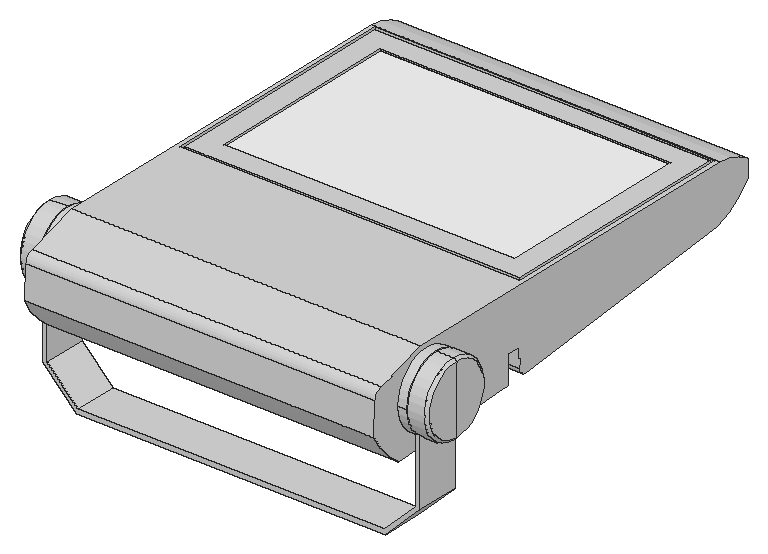
Revit family "0049111 Feilo Sylvania Lighting Fixture SYLVEO LED 8000LM RASYM 3K", category Lighting Fixtures, host Face, Revit 2017
Family settings
  Host = Face
  Round Connector Dimension = Use Diameter
  Part Type = Normal
  Cut with Voids When Loaded = No
  Light Source = No
  Shared = No
  Room Calculation Point = No
Parameters (values of type "0049111 SYLVEO LED 8000LM RASYM 3K")
  Weight = "9.032 kg"
  Wattage Comments = "n/a"
  WarrantyStartDate [instance] = "n/a"
  WarrantyGuarantorParts = "n/a"
  WarrantyDurationUnit = "n/a"
  WarrantyDurationParts = "n/a"
  WarrantyDescription = "n/a"
  Voltage = 230 V
  URL = "http://www.sylvania-lighting.com"
  TypeName = "SYLVEO LED 8000LM RASYM 3K"
  TypeBody_FEILO = Sylveo Medium Body : 0049111 SYLVEO LED 8000LM RASYM 3K
  Type Image = <None>
  Type Comments = "n/a"
  TotalWidth = 290 mm
  TiltAngle [instance] = 0.00°
  StartAngle [instance] = -TiltAngle  # 0.00°
  SerialNumber [instance] = "n/a"
  PowerFactor = 0
  PowerConsumption = "81.5 W"
  NominalWidth = 0 mm
  NominalLength = 290 mm
  NominalHeight = 333 mm
  Name = "SYLVEO LED 8000LM RASYM 3K"
  ModelReference = "SYLVEO LED 8000LM RASYM 3K"
  ModelNumber = "0049111"
  Model = "SYLVEO LED 8000LM RASYM 3K"
  Material_4_FEILO = none
  Material_3_FEILO = none
  Material_2_FEILO = Diffuser-Sylvania-Sylveo-Glow
  Material_1_FEILO = Body-Sylvania-Sylveo-Aluminium
  Material = "aluminium housing, glass diffuser"
  ManufacturerName = "Feilo Sylvania"
  Manufacturer = "Feilo Sylvania"
  LuminousEfficacy = "101.9 lm/W"
  LuminaireType = ""
  LightOutputRatio = "100"
  LampsType = Lamp  # "LED"
  LampNominalLuminous = "8305 lm"
  LampMacAdamStep = "6"
  LampColourTemperature = "3000 K"
  LampColourRenderingIndex = "70"
  Lamp = "LED"
  Keynote = "16500"
  InstallationDate [instance] = "n/a"
  InputVoltage = "100-240V~"
  InputNominalFrequency = "50 Hz"
  IngressProtection = "IP66"
  ImpactProtectionIndex = "IK08"
  IfcExportType = "IfcLightFixtureType"
  IfcExportAs = "IfcLightFixtureType"
  HingeHeight = 90 mm
  HingeDia = 52 mm
  ExpectedLife = 50000
  EndAngle [instance] = StartAngle + 180.00°  # 180.00°
  ElectricShockClassification = "Class I"
  DurationUnit = "hours"
  DocumentationLiterature = "http://www.sylvania-lighting.com/product/en-int/products/0049111"
  DimmingControlOptions = "Non dimmable"
  Description = "Exterior LED Floodlight, comes complete with a 1000mm cable and adjustable bracket, aluminium housing, clear glass diffuser, IP66, IK08, Class I, 3000K, Non-dimming, 8305lm, 82W, 102lm/W, 2400mA, CRI70, 52°x117° beam angle, 50000hrs, (LxWxD) 66x290x333mm"
  Default Elevation = 1219.2 mm
  CreatedOn = "12/18/2017"
  CreatedBy = ""
  Cost = 0
  built-in parameter 1114216 [instance] = (empty or 0)
  ClassificationValue = "EF_70_80"
  ClassificationName = "Uniclass2015"
  Calculate Coefficient of Utilization = no
  BracketWidth = 37 mm
  BracketThickness = 3 mm
  BracketInnerWidth = 261.3 mm
  BracketFold = 25 mm
  BracketExtrusionStart = -BracketWidth / 2  # -18.5 mm
  BracketExtrusionEnd = BracketWidth / 2  # 18.5 mm
  BarCode [instance] = "n/a"
  AssetType = "Fixed"
  AssetIdentifier [instance] = "n/a"
  Assembly Code = "D5020200"
  Apparent Load = 81.5 VA
Reference planes
  plane 1 "Center (Front/Back)": y = 0
  plane 2: z = 0
  plane 3 "Center (Left/Right)": x = 0
  plane 4: x = 130.65
  plane 5: x = -130.65
  plane 6: z = 90
  plane 7: x = 145
  plane 8: x = -145
  plane 9: z = 116
  plane 10: z = 64
  plane 11: x = 143
  plane 12: x = -143
  plane 13: x = 133.65
  plane 14: x = -133.65
  plane 15: z = 3
  plane 16: z = 25
  plane 17: x = 108.65
  plane 18: x = -108.65
  plane 19: z = 66
Forms (mm)
  Extrusion 1, solid, material "Body-Sylvania-Sylveo-Aluminium" <- "Material_1_FEILO"
    sketch origin (0, 0, 0) x (1, 0, 0) y (0, 0, 1)
      loop
        line (0, 3) -> (0, 0) -> (109.478, 0) -> (133.65, 24.172) -> (133.65, 90) -> (130.65, 90) -> (130.65, 25) -> (108.65, 3) -> (0, 3)
    from -12.5 to 18.5 <- "BracketExtrusionEnd"
  Extrusion 2, solid, material "Body-Sylvania-Sylveo-Aluminium" <- "Material_1_FEILO"
    sketch origin (0, 0, 0) x (-1, 0, 0) y (0, 0, -1)
      loop
        line (0, -3) -> (108.65, -3) -> (130.65, -25) -> (130.65, -90) -> (133.65, -90) -> (133.65, -24.172) -> (109.478, 0) -> (0, 0) -> (0, -3)
    from -12.5 to 18.5 <- "BracketExtrusionEnd"
  Revolve 3, solid, material "Body-Sylvania-Sylveo-Aluminium" <- "Material_1_FEILO"
    sketch origin (0, 0, 0) x (1, 0, 0) y (0, 0, 1)
      loop
        line (-130.65, 90) -> (-145, 90) -> (-145, 66) -> (-143, 64) -> (-130.65, 64) -> (-130.65, 90)
      axis (-130.65, 90) -> (-145, 90)
    angle from 0 to 360
  Revolve 4, solid, material "Body-Sylvania-Sylveo-Aluminium" <- "Material_1_FEILO"
    sketch origin (0, 0, 0) x (-1, 0, 0) y (0, 0, 1)
      loop
        line (-130.65, 90) -> (-145, 90) -> (-145, 66) -> (-143, 64) -> (-130.65, 64) -> (-130.65, 90)
      axis (-130.65, 90) -> (-145, 90)
    angle from 0 to 360
  Revolve 5, solid, not visible
    sketch origin (181.107, 0, 90) x (1, 0, 0) y (0, 1, 0)
      loop
        line (-191.101, 0) -> (-171.112, 0) -> (-171.112, 10) -> (-191.101, 10) -> (-191.101, 0)
      axis (-171.112, 0) -> (-191.101, 0)
    angle from 0 <- "StartAngle" to 180 <- "EndAngle"
Cuts and joins
  joined: Extrusion 1, Extrusion 2, Revolve 3, Revolve 4
Dimensions and locks
  equal spacing: plane 5, plane 3 "Center (Left/Right)", plane 4
  "BracketInnerWidth": plane 5 to plane 4
  equal spacing: plane 7, plane 3 "Center (Left/Right)", plane 8
  "TotalWidth": plane 7 to plane 8
  "HingeHeight": plane 2 to plane 6
  equal spacing: plane 10, plane 6, plane 9
  "HingeDia": plane 10 to plane 9
  equal spacing: plane 11, plane 3 "Center (Left/Right)", plane 12
  equal spacing: plane 13, plane 3 "Center (Left/Right)", plane 14
  "BracketFold": plane 2 to plane 16
  "BracketThickness": plane 2 to plane 15
  equal spacing: plane 17, plane 3 "Center (Left/Right)", plane 18
  locked: plane 19 to plane 10 at 2
  locked: Revolve 5 sketch curve to Revolve 5 sketch curve at 10
  equal spacing: Revolve 5 sketch curve, plane 3 "Center (Left/Right)", Revolve 5 sketch curve
  locked: Revolve 5 sketch curve to Revolve 5 sketch curve at 19.988
  locked: plane 7 to plane 11 at 2
  "BracketFold": plane 13 to plane 17
  "BracketThickness": plane 4 to plane 13
  aligned and locked: plane 2 to host face
  aligned and locked: level to host face
  aligned and locked: Revolve 3 sketch curve to plane 10
  aligned and locked: Revolve 3 sketch curve to plane 8
  aligned and locked: plane 5 to Revolve 3 sketch curve
  aligned and locked: Revolve 3 sketch curve to plane 6  (x2)
  aligned and locked: Revolve 5 sketch curve to plane 1 "Center (Front/Back)"
  aligned and locked: plane 3 "Center (Left/Right)" to nested 1
Automatic sketch dimensions
  host sketch curve to host sketch curve = 2438.4 mm  (x2)
  Extrusion 1 sketch curve to plane 3 "Center (Left/Right)" = 0 mm  (x2)
  Extrusion 1 sketch curve to level = 0 mm  (x2)
  Extrusion 1 sketch curve to plane 15 = 0 mm
  Extrusion 1 sketch curve to plane 17 = 0 mm
  plane 4 to Extrusion 1 sketch curve = 0 mm
  Extrusion 1 sketch curve to plane 13 = 0 mm  (x2)
  Extrusion 1 sketch curve to plane 6 = 0 mm  (x2)
  Extrusion 1 sketch curve to plane 16 = 0 mm
  plane 17 to Extrusion 1 sketch curve = 0.828 mm
  Extrusion 1 sketch curve to plane 16 = 0.828 mm
  Extrusion 2 sketch curve to plane 3 "Center (Left/Right)" = 0 mm  (x2)
  Extrusion 2 sketch curve to level = 0 mm  (x2)
  Extrusion 2 sketch curve to plane 15 = 0 mm
  plane 18 to Extrusion 2 sketch curve = 0 mm
  plane 5 to Extrusion 2 sketch curve = 0 mm
  plane 14 to Extrusion 2 sketch curve = 0 mm  (x2)
  Extrusion 2 sketch curve to plane 6 = 0 mm  (x2)
  Extrusion 2 sketch curve to plane 16 = 0 mm
  Extrusion 2 sketch curve to plane 18 = 0.828 mm
  plane 16 to Extrusion 2 sketch curve = 0.828 mm
  plane 12 to Revolve 3 sketch curve = 0 mm
  Revolve 3 sketch curve to plane 19 = 0 mm
  plane 8 to Revolve 3 sketch curve = 77.715 mm
  plane 7 to Revolve 3 sketch curve = 78.607 mm
  Revolve 4 sketch curve to plane 6 = 0 mm  (x2)
  Revolve 4 sketch curve to plane 7 = 0 mm
  Revolve 4 sketch curve to plane 10 = 0 mm
  Revolve 4 sketch curve to plane 11 = 0 mm
  plane 4 to Revolve 4 sketch curve = 0 mm
  Revolve 4 sketch curve to plane 19 = 0 mm
  Revolve 4 sketch curve to Revolve 4 sketch curve = 77.715 mm
  Revolve 4 sketch curve to plane 8 = 78.607 mm
  plane 1 "Center (Front/Back)" to Revolve 5 sketch curve = 0 mm
  plane 8 to Revolve 5 sketch curve = 1421.5 mm
  plane 7 to Revolve 5 sketch curve = 1421.5 mm
Nested families
  nested 1: "Sylveo Medium Body" at (0, -47.297, 90), type <- "TypeBody_FEILO", type "0049111 SYLVEO LED 8000LM RASYM 3K"
Connectors
  electrical at (0, 0, 0), driven by "Apparent Load", driven by "Voltage", driven by "PowerFactor"
    settings: index 1, voltage 230 V, apparent load 81.5 VA, apparent load phase1 0 VA, apparent load phase2 0 VA, apparent load phase3 0 VA, power factor 0, load classification "Lighting", number of poles 1, system type 30, power factor state 1, is connector primary yes, connector utility no, sub classification motor no, connector description ""
Definition of nested family "Sylveo Medium Body"
  Parameters (values of type "0049141 SYLVEO LED 8000LM RASYM 4K DALI ")
    Wattage = 80 W
    built-in parameter 1150110 = 1 (stored number, unit not read)
    URL = "http://www.feilosylvania.com"
    Type Comments = "n/a"
    built-in parameter 1114217 = 1 (stored number, unit not read)
    Tilt Angle = -90.00°
    built-in parameter 1150109 = 1 (stored number, unit not read)
    built-in parameter 1150134 = 12
    built-in parameter 1150113 = 1 (stored number, unit not read)
    Photometric Web File = "0049141.ies"
    Model = "SYLVEO LED 8000LM RASYM 4K DALI"
    Material_4_FEILO = none
    Material_3_FEILO = none
    Material_2_FEILO = none
    Material_1_FEILO = none
    Manufacturer = "Feilo Sylvania"
    built-in parameter 1150105 = 4415 (stored number, unit not read)
    Lumens = 8544 lm
    built-in parameter 1150115 = 1 (stored number, unit not read)
    built-in parameter 1150137 = (empty or 0)
    built-in parameter 1150139 = (empty or 0)
    built-in parameter 1150112 = 1 (stored number, unit not read)
    built-in parameter 1150114 = 1 (stored number, unit not read)
    Lamp = "LED"
    Keynote = "16500"
    built-in parameter 1150132 = (empty or 0)
    built-in parameter 1150102 = (empty or 0)
    built-in parameter 1150107 = 4000 (stored number, unit not read)
    built-in parameter 1150138 = (empty or 0)
    built-in parameter 1150106 = 44.15 (stored number, unit not read)
    Emit from Rectangle Width = 138.8 mm
    Emit from Rectangle Length = 206.3 mm
    Emit Shape Visible in Rendering = no
    built-in parameter 1150104 = 9.922 (stored number, unit not read)
    Dimming Lamp Color Temperature Shift = (empty or 0)
    Description = "Exterior LED floodlight, comes complete with a 1000mm cable and adjustable bracket, aluminium housing, clear glass diffuser, 8542lm, 80W, 106lm/W, 4000K, 2280mA, CRI70, 52°x117° beam angle, DALI dimmable, IP66, IK08, Class I, 50000hrs, (LxWxD) 66x290x333mm"
    Default Elevation = 1219.2 mm
    Cost = 0
    Color Filter = 16777215
    built-in parameter 1114218 = 1 (stored number, unit not read)
    built-in parameter 1150133 = 10 (stored number, unit not read)
    Assembly Code = "D5020200"
    Apparent Load = 80 VA
  Types (9, lengths in mm): name | Wattage | built-in parameter 1150134 | Photometric Web File | Model | built-in parameter 1150105 | Lumens | built-in parameter 1150107 | built-in parameter 1150106 | built-in parameter 1150104 | Description | Apparent Load
    0049141 SYLVEO LED 8000LM RASYM 4K DALI | 80 W | 12 | "0049141.ies" | "SYLVEO LED 8000LM RASYM 4K DALI" | 4415 (stored number, unit not read) | 8544 lm | 4000 (stored number, unit not read) | 44.15 (stored number, unit not read) | 9.922 (stored number, unit not read) | "Exterior LED floodlight, comes complete with a 1000mm cable and adjustable bracket, aluminium housing, clear glass diffuser, 8542lm, 80W, 106lm/W, 4000K, 2280mA, CRI70, 52°x117° beam angle, DALI dimmable, IP66, IK08, Class I, 50000hrs, (LxWxD) 66x290x333mm" | 80 VA
    0049140 SYLVEO LED 8000LM WIDE 4K DALI | 81 W | 12 | "0049140.ies" | "SYLVEO LED 8000LM WIDE 4K DALI" | 10450.4 (stored number, unit not read) | 8537.4 lm | 4000 (stored number, unit not read) | 104.5 (stored number, unit not read) | 9.792 (stored number, unit not read) | "Exterior LED floodlight, comes complete with a 1000mm cable and adjustable bracket, aluminium housing, clear glass diffuser, 8541lm, 81W, 105lm/W, 4000K, 2280mA, CRI70, 52° beam angle, DALI dimmable, IP66, IK08, Class I, 50000hrs, (LxWxD) 66x290x333mm" | 81 VA
    0049139 SYLVEO LED 8000LM NAR 4K DALI | 81 W | 12 | "0049139.ies" | "SYLVEO LED 8000LM NAR 4K DALI" | 20285.7 (stored number, unit not read) | 8723.7 lm | 4000 (stored number, unit not read) | 202.86 (stored number, unit not read) | 10.006 (stored number, unit not read) | "Exterior LED floodlight, comes complete with a 1000mm cable and adjustable bracket, aluminium housing, clear glass diffuser, 8721lm, 81, 107lm/W, 4000K, 2280mA, CRI70, 30° beam angle, DALI dimmable, IP66, IK08, Class I, 50000hrs, (LxWxD) 66x290x333mm" | 81 VA
    0049111 SYLVEO LED 8000LM RASYM 3K | 81.5 W | (empty or 0) | "0049111.ies" | "SYLVEO LED 8000LM RASYM 3K" | 4290.9 (stored number, unit not read) | 8304.85 lm | 3000 (stored number, unit not read) | 42.909 (stored number, unit not read) | 9.4668 (stored number, unit not read) | "Exterior LED Floodlight, comes complete with a 1000mm cable and adjustable bracket, aluminium housing, clear glass diffuser, IP66, IK08, Class I, 3000K, Non-dimming, 8305lm, 82W, 102lm/W, 2400mA, CRI70, 52°x117° beam angle, 50000hrs, (LxWxD) 66x290x333mm" | 81.5 VA
    0049110 SYLVEO LED 8000LM WIDE 3K | 81.5 W | (empty or 0) | "0049110.ies" | "SYLVEO LED 8000LM WIDE 3K" | 9790.8 (stored number, unit not read) | 8353.75 lm | 3000 (stored number, unit not read) | 97.908 (stored number, unit not read) | 9.5226 (stored number, unit not read) | "Exterior LED Floodlight, comes complete with a 1000mm cable and adjustable bracket, aluminium housing, clear glass diffuser, IP66, IK08, Class I, 3000K, Non-dimming, 8354lm, 82W, 103lm/W, 2400mA, CRI70, 52° beam angle, 50000hrs, (LxWxD) 66x290x333mm" | 81.5 VA
    0049109 SYLVEO LED 8000LM NAR 3K | 80.7 W | (empty or 0) | "0049109.ies" | "SYLVEO LED 8000LM NAR 3K" | 19830.2 (stored number, unit not read) | 8336.31 lm | 3000 (stored number, unit not read) | 198.3 (stored number, unit not read) | 9.5969 (stored number, unit not read) | "Exterior LED Floodlight, comes complete with a 1000mm cable and adjustable bracket, aluminium housing, clear glass diffuser, IP66, IK08, Class I, 3000K, Non-dimming, 8336lm, 81W, 103lm/W, 2400mA, CRI70, 30° beam angle, 50000hrs, (LxWxD) 66x290x333mm" | 80.7 VA
    0049108 SYLVEO LED 8000LM RASYM 4K | 82.2 W | 12 | "0049108.ies" | "SYLVEO LED 8000LM RASYM 4K" | 4540.1 (stored number, unit not read) | 8787.18 lm | 4000 (stored number, unit not read) | 45.401 (stored number, unit not read) | 9.9313 (stored number, unit not read) | "Exterior LED Floodlight, comes complete with a 1000mm cable and adjustable bracket, aluminium housing, clear glass diffuser, IP66, IK08, Class I, 4000K, Non-dimming, 8787lm, 82W, 107lm/W, 2400mA, CRI70, 52°x117° beam angle, 50000hrs, (LxWxD) 66x290x333mm" | 82.2 VA
    0049107 SYLVEO LED 8000LM WIDE 4K | 82.2 W | 12 | "0049107.ies" | "SYLVEO LED 8000LM WIDE 4K" | 11015.4 (stored number, unit not read) | 8729.64 lm | 4000 (stored number, unit not read) | 110.15 (stored number, unit not read) | 9.8663 (stored number, unit not read) | "Exterior LED Floodlight, comes complete with a 1000mm cable and adjustable bracket, aluminium housing, clear glass diffuser, IP66, IK08, Class I, 4000K, Non-dimming, 8730lm, 82W, 106lm/W, 2400mA, CRI70, 52° beam angle, 50000hrs, (LxWxD) 66x290x333mm" | 82.2 VA
    0049106 SYLVEO LED 8000LM NAR 4K | 80.1 W | 12 | "0049106.ies" | "SYLVEO LED 8000LM NAR 4K" | 21168.1 (stored number, unit not read) | 8554.68 lm | 4000 (stored number, unit not read) | 211.68 (stored number, unit not read) | 9.922 (stored number, unit not read) | "Exterior LED Floodlight, comes complete with a 1000mm cable and adjustable bracket, aluminium housing, clear glass diffuser, IP66, IK08, Class I, 4000K, Non-dimming, 8555lm, 80W, 107lm/W, 2400mA, CRI70, 30° beam angle, 50000hrs, (LxWxD) 66x290x333mm" | 80.1 VA
  Reference planes
    plane 1 "Center (Front/Back)": y = 0
    plane 2: z = 0
    plane 3 "Center (Left/Right)": x = 0
    plane 4: y = 333
    plane 5: y = 47.297
    plane 6: y = 73.469
    plane 7: y = 21.125
    plane 8: x = -130.625
    plane 9: x = 130.625
    plane 10: y = 304.814
    plane 11: y = 135.969
    plane 12: y = 289.814
    plane 13: y = 150.969
    plane 14: x = 103.125
    plane 15: x = -103.125
    plane 16: x = -123.75
    plane 17: x = 123.75
    plane 18: x = -118.594
    plane 19: x = 118.594
    plane 20: y = 322.719
    plane 21: y = 119.719
    plane 22: z = 29.125
    plane 23: z = -36.875
    plane 24: x = -120.75
    plane 25: x = 120.75
    plane 26: y = 306.814
    plane 27: y = 133.969
    plane 28: y = 220.391
  Forms (mm)
    Extrusion 1, solid
      sketch origin (-0.8, 0, 0) x (1, 0, 0) y (0, 1, 0)
        loop
          line (-1219.2, 1219.2) -> (-1219.2, -1219.2) -> (1219.2, -1219.2) -> (1219.2, 1219.2) -> (-1219.2, 1219.2)
      from 0 to -304.8
    Extrusion 2, solid, material <- "Material_1_FEILO"
      sketch origin (0, 0, 0) x (0, 1, 0) y (0, 0, 1)
        loop
          circle (47.297, 0) r 26.026
      from 130.625 to -130.625
    Extrusion 3, solid, material <- "Material_1_FEILO"
      sketch origin (0, 0, 0) x (1, 0, 0) y (0, 1, 0)
        loop
          line (-123.75, 333) -> (-123.75, 0) -> (123.75, 0) -> (123.75, 333) -> (-123.75, 333)
      from 29.125 to -36.875
    Extrusion 4, void, detail levels medium+fine
      sketch origin (0, 0, 0) x (0, 1, 0) y (0, 0, 1)
        loop
          line (42.297, 29.125) -> (0, 29.125) -> (0, -36.875) -> (333, -36.875) -> (333, 29.125) -> (308.414, 29.125)
          arc (308.414, 29.125) -> (320.149, 26.569) -> (330.963, 21.346) r 51.141
          arc (330.963, 21.346) -> (332.019, 20.218) -> (332.403, 18.722) r 3.112
          line (332.403, 18.722) -> (332.403, 7.346)
          arc (332.403, 7.346) -> (319.575, -3.301) -> (304.814, -11.047) r 79.724
          line (304.814, -11.047) -> (135.202, -28.874)
          arc (135.202, -28.874) -> (131.465, -27.731) -> (129.692, -24.25) r 5
          line (129.692, -24.25) -> (128.705, -10.138) -> (119.719, -10.138) -> (119.719, -28.285)
          arc (119.719, -28.285) -> (119.184, -29.635) -> (117.869, -30.252) r 1.971
          line (117.869, -30.252) -> (22.334, -36.171)
          arc (22.334, -36.171) -> (9.868, -24.998) -> (0.544, -11.095) r 67.339
          line (0.544, -11.095) -> (1.881, 11.454)
          arc (1.881, 11.454) -> (3.538, 15.816) -> (7.388, 18.452) r 7.801
          line (7.388, 18.452) -> (42.297, 29.125)
      from 123.75 to -123.75
    Extrusion 5, void
      sketch origin (0, -66.866, 29.125) x (1, 0, 0) y (0, -1, 0)
        loop
          line (-120.75, -373.679) -> (120.75, -373.679) -> (120.75, -200.834) -> (-120.75, -200.834) -> (-120.75, -373.679)
      from 0 to 4
    Extrusion 6, solid, material <- "Material_1_FEILO"
      sketch origin (0, -66.866, 29.125) x (0, -1, 0) y (1, 0, 0)
        loop
          line (-371.679, -118.594) -> (-202.834, -118.594) -> (-202.834, 118.594) -> (-371.679, 118.594) -> (-371.679, -118.594)
        loop
          line (-356.679, -103.125) -> (-217.834, -103.125) -> (-217.834, 103.125) -> (-356.679, 103.125) -> (-356.679, -103.125)
      from 0 to -4
    Extrusion 7, solid, material <- "Material_1_FEILO"
      sketch origin (0, -66.866, 29.125) x (0, -1, 0) y (1, 0, 0)
        loop
          line (-356.679, -103.125) -> (-217.834, -103.125) -> (-217.834, 103.125) -> (-356.679, 103.125) -> (-356.679, -103.125)
      from -3 to -4
    Extrusion 8, solid, material <- "Material_2_FEILO"
      sketch origin (0, -66.866, 29.125) x (0, -1, 0) y (1, 0, 0)
        loop
          line (-217.834, -103.125) -> (-217.834, 103.125) -> (-356.679, 103.125) -> (-356.679, -103.125) -> (-217.834, -103.125)
      from -1 to -2
  Cuts and joins
    Extrusion 4, Extrusion 5 cuts Extrusion 2
    Extrusion 4, Extrusion 5 cuts Extrusion 3
    joined: Extrusion 2, Extrusion 3
    joined: Extrusion 6, Extrusion 7
  Dimensions and locks
    equal spacing: plane 6, plane 5, plane 7
    locked: plane 5 to plane 1 "Center (Front/Back)" at 47.297
    equal spacing: plane 8, plane 3 "Center (Left/Right)", plane 9
    locked: plane 8 to plane 9 at 261.25
    equal spacing: plane 16, plane 3 "Center (Left/Right)", plane 17
    equal spacing: plane 18, plane 3 "Center (Left/Right)", plane 19
    locked: plane 20 to plane 21 at 203
    locked: plane 16 to plane 17 at 247.5
    locked: plane 23 to plane 22 at 66
    locked: plane 22 to plane 2 at 29.125
    locked: plane 18 to plane 19 at 237.187
    locked: plane 15 to plane 14 at 206.25
    locked: plane 1 "Center (Front/Back)" to plane 4 at 333
    locked: plane 4 to plane 20 at 10.281
    locked: plane 10 to plane 11 at 168.845
    locked: plane 1 "Center (Front/Back)" to plane 11 at 135.969
    locked: plane 12 to plane 13 at 138.845
    locked: plane 1 "Center (Front/Back)" to plane 13 at 150.969
    locked: plane 16 to plane 24 at 3
    equal spacing: plane 24, plane 3 "Center (Left/Right)", plane 25
    locked: plane 26 to plane 10 at 2
    locked: plane 11 to plane 27 at 2
    equal spacing: plane 12, plane 28, plane 13, locked at 69.422 each
    aligned and locked: plane 2 to Extrusion 1
    aligned and locked: level to Extrusion 1
    aligned and locked: Extrusion 2 to plane 9
    aligned and locked: plane 8 to Extrusion 2
    aligned and locked: plane 4 to Extrusion 3 sketch curve
    aligned and locked: plane 16 to Extrusion 3 sketch curve
    aligned and locked: Extrusion 3 sketch curve to plane 1 "Center (Front/Back)"
    aligned and locked: plane 17 to Extrusion 3 sketch curve
    aligned and locked: plane 22 to Extrusion 3
    aligned and locked: plane 23 to Extrusion 3
    aligned and locked: Extrusion 4 to plane 16
    aligned and locked: Extrusion 4 to plane 17
    aligned and locked: Extrusion 5 sketch curve to plane 26
    aligned and locked: plane 24 to Extrusion 5 sketch curve
    aligned and locked: plane 27 to Extrusion 5 sketch curve
    aligned and locked: plane 25 to Extrusion 5 sketch curve
    aligned and locked: Extrusion 6 sketch curve to plane 10
    aligned and locked: plane 18 to Extrusion 6 sketch curve
    aligned and locked: plane 11 to Extrusion 6 sketch curve
    aligned and locked: plane 19 to Extrusion 6 sketch curve
    aligned and locked: Extrusion 6 sketch curve to plane 12
    aligned and locked: Extrusion 6 sketch curve to plane 15
    aligned and locked: plane 13 to Extrusion 6 sketch curve
    aligned and locked: Extrusion 6 sketch curve to plane 14
    aligned and locked: Extrusion 7 sketch curve to Extrusion 6  (x4)
    aligned and locked: cut or joined group of Extrusion 2, Extrusion 3, Extrusion 4, Extrusion 5 to Extrusion 7
    aligned and locked: Extrusion 8 sketch curve to Extrusion 6  (x4)
    aligned and locked: imposter light to plane 3 "Center (Left/Right)"
    aligned and locked: imposter light to plane 22
  Automatic sketch dimensions
    Extrusion 1 sketch curve to Extrusion 1 sketch curve = 2438.4 mm  (x2)
    Extrusion 2 sketch curve to level = 0 mm
    Extrusion 2 sketch curve to plane 5 = 0 mm
    Extrusion 4 sketch curve to plane 1 "Center (Front/Back)" = 0 mm
    Extrusion 4 sketch curve to plane 22 = 0 mm  (x2)
    Extrusion 4 sketch curve to plane 21 = 0 mm
    Extrusion 4 sketch curve to plane 10 = 0 mm
    Extrusion 4 sketch curve to plane 4 = 0 mm
    plane 23 to Extrusion 4 sketch curve = 0 mm
    Extrusion 4 sketch curve to plane 1 "Center (Front/Back)" = 0.544 mm
    Extrusion 4 sketch curve to plane 1 "Center (Front/Back)" = 1.881 mm
    Extrusion 4 sketch curve to plane 1 "Center (Front/Back)" = 7.388 mm
    Extrusion 4 sketch curve to Extrusion 4 sketch curve = 2.281 mm
    plane 7 to Extrusion 4 sketch curve = 1.209 mm
    Extrusion 4 sketch curve to plane 5 = 5 mm
    Extrusion 4 sketch curve to plane 6 = 12.772 mm
    Extrusion 4 sketch curve to plane 21 = 1.971 mm
    Extrusion 4 sketch curve to plane 21 = 1.849 mm
    Extrusion 4 sketch curve to plane 11 = 7.264 mm
    Extrusion 4 sketch curve to plane 11 = 6.277 mm
    Extrusion 4 sketch curve to plane 11 = 1.289 mm
    Extrusion 4 sketch curve to plane 11 = 0.767 mm
    Extrusion 4 sketch curve to plane 12 = 14.463 mm
    Extrusion 4 sketch curve to plane 10 = 1.343 mm
    plane 4 to Extrusion 4 sketch curve = 3.71 mm
    plane 4 to Extrusion 4 sketch curve = 0.597 mm
    Extrusion 4 sketch curve to plane 23 = 0.704 mm
    Extrusion 4 sketch curve to plane 23 = 6.623 mm
    Extrusion 4 sketch curve to plane 23 = 8.001 mm
    Extrusion 4 sketch curve to Extrusion 4 sketch curve = 4.624 mm
    Extrusion 4 sketch curve to plane 23 = 15.098 mm
    Extrusion 4 sketch curve to level = 11.095 mm
    Extrusion 4 sketch curve to Extrusion 4 sketch curve = 10.73 mm
    Extrusion 4 sketch curve to level = 10.138 mm
    level to Extrusion 4 sketch curve = 7.346 mm
    level to Extrusion 4 sketch curve = 10.992 mm
    Extrusion 4 sketch curve to Extrusion 4 sketch curve = 0.462 mm
    Extrusion 4 sketch curve to plane 22 = 10.403 mm
    plane 10 to Extrusion 4 sketch curve = 3.6 mm
    radius of Extrusion 2 sketch curve = 26.026 mm
